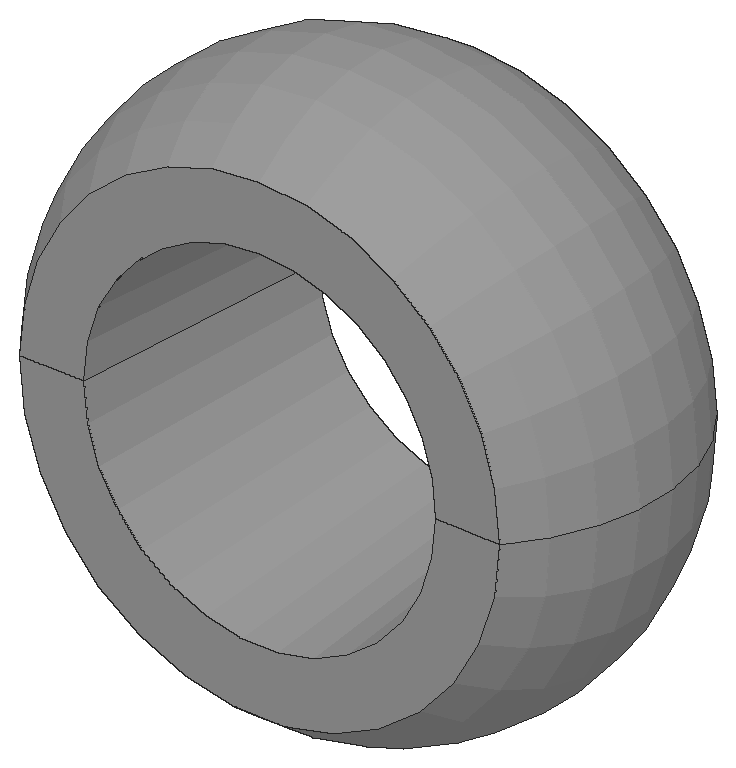
Revit family "VK352", category Sprinklers, Revit 2012
Parameters
  URL = "http://www.vikinggroupinc.com/databook/sprinklers/standard/qr/stcov/081296.pdf"
  Model = "VK352"
  Manufacturer = "Viking"
  K-Factor = 8
Reference planes (in)
  plane 1 "Center (Front/Back)": y = 0
  plane 2: z = 0
  plane 3 "Center (Left/Right)": x = 0
  plane 4 "Threads": y = -0.58702
Forms (in)
  Revolve 1, solid, material "Default"
    sketch origin (0, 0, 0) x (1, 0, 0) y (0, 1, 0)
      loop
        arc (-0.47087, -0.4538) -> (-0.5653, -0.71369) -> (-0.4646, -0.97121) r 0.3918
        line (-0.4646, -0.97121) -> (-0.34104, -0.97121) -> (-0.29616, -0.45826) -> (-0.47087, -0.4538)
      axis (0, -0.4538) -> (0, -0.97121)
    angle from 0 to 360
Dimensions and locks (in)
  aligned and locked: plane 2 to level
Connectors (in)
  piping at (0, -0.58702, 0)
    settings: index 1, connector radius 1", flow factor 0, pipe flow 0 GPM, pressure drop 0.00 psi, fitting loss kfactor 0, connector angle 0.00°, fixture units 0, engagement length 0' - 0", flow configuration 0, flow direction 0, fitting loss method 0, system type 7, joint type 0, gender type 0, connector reference index -1, connector utility 0, adjustable connector no, is connector primary yes, fitting loss table "", connector description ""
